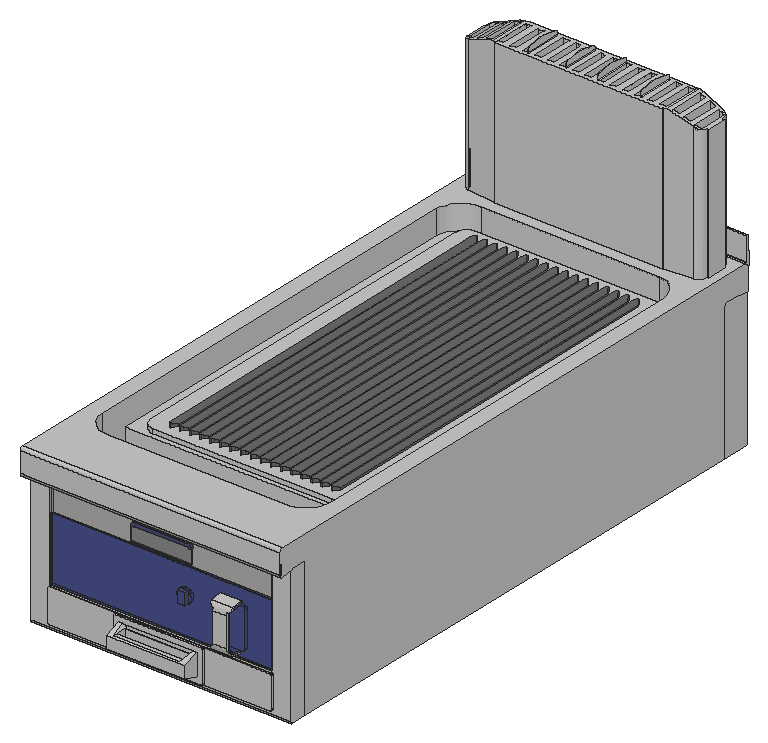
Revit family "QF_ELECTROLUXPROFESSIONAL_589101_MCHNABDOPO", category Specialty Equipment, Revit 2018 (continued)
Definition of nested family "GG_900_Flute for 400 fryer"
  Automatic sketch dimensions
    curve 10 to curve 9 = 0 mm
    curve 4 to curve 5 = 0 mm
    plane 5 to curve 6 = 32.954 mm
    curve 11 to curve 11 = 12.5 mm
    curve 4 to plane 5 = 15.407 mm
    curve 11 to curve 9 = 0 mm
    curve 3 to curve 3 = 12.5 mm
Definition of nested family "GG_900_400 mm Full Grate"
  Parameters
    Length = 262 mm
    Array = Length / 15 mm  # 17
  Reference planes
    plane 1: z = 0
    plane 2 "Center (Left/Right)": x = 0
    plane 3: z = 900
    plane 4: z = 888
    plane 5: x = -175
    plane 6: x = 135
    plane 7: x = -151
    plane 8: x = 131
  Forms (mm)
    Extrusion 1, solid
      sketch origin (653.786, 467.26, 0) x (1, 0, 0) y (0, 1, 0)
        loop
          line (-808.786, -175.198) -> (-808.786, -760.472)
          arc (-808.786, -760.472) -> (-803.807, -772.493) -> (-791.786, -777.472) r 17
          line (-791.786, -777.472) -> (-516.936, -777.472)
          arc (-516.936, -777.472) -> (-504.102, -772.156) -> (-498.786, -759.322) r 18.15
          line (-498.786, -759.322) -> (-498.786, -175.198)
          arc (-498.786, -175.198) -> (-504.102, -162.364) -> (-516.936, -157.048) r 18.15
          line (-516.936, -157.048) -> (-790.636, -157.048)
          arc (-790.636, -157.048) -> (-803.47, -162.364) -> (-808.786, -175.198) r 18.15
      from 888 to 894.474
  Lines and regions (mm)
    symbolic lines
      curve 1: line (-131, 286.484, 0) -> (-124.5, 295.767, 0)
      curve 2: line (-124.5, 295.767, 0) -> (-118, 286.484, 0)
      curve 3: line (-118, -286.484, 0) -> (-118, 286.484, 0)
      curve 4: line (-131, 286.484, 0) -> (-131, -286.484, 0)
      curve 5: line (-124.5, -295.767, 0) -> (-131, -286.484, 0)
      curve 6: line (-118, -286.484, 0) -> (-124.5, -295.767, 0)
      curve 7: line (136.85, 310.212, 0) -> (-136.85, 310.212, 0)
      curve 8: arc (-136.85, 310.212, 0) -> (-149.684, 304.896, 0) -> (-155, 292.062, 0) r 18.15
      curve 9: line (-155, 292.062, 0) -> (-155, -293.212, 0)
      curve 10: arc (-155, -293.212, 0) -> (-150.021, -305.233, 0) -> (-138, -310.212, 0) r 17
      curve 11: line (-138, -310.212, 0) -> (136.85, -310.212, 0)
      curve 12: arc (136.85, -310.212, 0) -> (149.684, -304.896, 0) -> (155, -292.062, 0) r 18.15
      curve 13: line (155, -292.062, 0) -> (155, 292.062, 0)
      curve 14: arc (155, 292.062, 0) -> (149.684, 304.896, 0) -> (136.85, 310.212, 0) r 18.15
      curve 15: line (118, 286.484, 0) -> (124.5, 295.767, 0)
      curve 16: line (124.5, 295.767, 0) -> (131, 286.484, 0)
      curve 17: line (131, -286.484, 0) -> (131, 286.484, 0)
      curve 18: line (118, 286.484, 0) -> (118, -286.484, 0)
      curve 19: line (124.5, -295.767, 0) -> (118, -286.484, 0)
      curve 20: line (131, -286.484, 0) -> (124.5, -295.767, 0)
      curve 21: line (-115.438, 286.484, 0) -> (-108.938, 295.767, 0)
      curve 22: line (-108.938, 295.767, 0) -> (-102.438, 286.484, 0)
      curve 23: line (-102.438, -286.484, 0) -> (-102.438, 286.484, 0)
      curve 24: line (-115.438, 286.484, 0) -> (-115.438, -286.484, 0)
      curve 25: line (-108.938, -295.767, 0) -> (-115.438, -286.484, 0)
      curve 26: line (-102.438, -286.484, 0) -> (-108.938, -295.767, 0)
      curve 27: line (-99.875, 286.484, 0) -> (-93.375, 295.767, 0)
      curve 28: line (-93.375, 295.767, 0) -> (-86.875, 286.484, 0)
      curve 29: line (-86.875, -286.484, 0) -> (-86.875, 286.484, 0)
      curve 30: line (-99.875, 286.484, 0) -> (-99.875, -286.484, 0)
      curve 31: line (-93.375, -295.767, 0) -> (-99.875, -286.484, 0)
      curve 32: line (-86.875, -286.484, 0) -> (-93.375, -295.767, 0)
      curve 33: line (-84.313, 286.484, 0) -> (-77.813, 295.767, 0)
      curve 34: line (-77.813, 295.767, 0) -> (-71.313, 286.484, 0)
      curve 35: line (-71.313, -286.484, 0) -> (-71.313, 286.484, 0)
      curve 36: line (-84.313, 286.484, 0) -> (-84.313, -286.484, 0)
      curve 37: line (-77.813, -295.767, 0) -> (-84.313, -286.484, 0)
      curve 38: line (-71.313, -286.484, 0) -> (-77.813, -295.767, 0)
      curve 39: line (-68.75, 286.484, 0) -> (-62.25, 295.767, 0)
      curve 40: line (-62.25, 295.767, 0) -> (-55.75, 286.484, 0)
      curve 41: line (-55.75, -286.484, 0) -> (-55.75, 286.484, 0)
      curve 42: line (-68.75, 286.484, 0) -> (-68.75, -286.484, 0)
      curve 43: line (-62.25, -295.767, 0) -> (-68.75, -286.484, 0)
      curve 44: line (-55.75, -286.484, 0) -> (-62.25, -295.767, 0)
      curve 45: line (-53.188, 286.484, 0) -> (-46.688, 295.767, 0)
      curve 46: line (-46.688, 295.767, 0) -> (-40.188, 286.484, 0)
      curve 47: line (-40.188, -286.484, 0) -> (-40.188, 286.484, 0)
      curve 48: line (-53.188, 286.484, 0) -> (-53.188, -286.484, 0)
      curve 49: line (-46.688, -295.767, 0) -> (-53.188, -286.484, 0)
      curve 50: line (-40.188, -286.484, 0) -> (-46.688, -295.767, 0)
      curve 51: line (-37.625, 286.484, 0) -> (-31.125, 295.767, 0)
      curve 52: line (-31.125, 295.767, 0) -> (-24.625, 286.484, 0)
      curve 53: line (-24.625, -286.484, 0) -> (-24.625, 286.484, 0)
      curve 54: line (-37.625, 286.484, 0) -> (-37.625, -286.484, 0)
      curve 55: line (-31.125, -295.767, 0) -> (-37.625, -286.484, 0)
      curve 56: line (-24.625, -286.484, 0) -> (-31.125, -295.767, 0)
      curve 57: line (-22.063, 286.484, 0) -> (-15.563, 295.767, 0)
      curve 58: line (-15.563, 295.767, 0) -> (-9.063, 286.484, 0)
      curve 59: line (-9.063, -286.484, 0) -> (-9.063, 286.484, 0)
      curve 60: line (-22.063, 286.484, 0) -> (-22.063, -286.484, 0)
      curve 61: line (-15.563, -295.767, 0) -> (-22.063, -286.484, 0)
      curve 62: line (-9.063, -286.484, 0) -> (-15.563, -295.767, 0)
      curve 63: line (-6.5, 286.484, 0) -> (0, 295.767, 0)
      curve 64: line (0, 295.767, 0) -> (6.5, 286.484, 0)
      curve 65: line (6.5, -286.484, 0) -> (6.5, 286.484, 0)
      curve 66: line (-6.5, 286.484, 0) -> (-6.5, -286.484, 0)
      curve 67: line (0, -295.767, 0) -> (-6.5, -286.484, 0)
      curve 68: line (6.5, -286.484, 0) -> (0, -295.767, 0)
      curve 69: line (9.062, 286.484, 0) -> (15.562, 295.767, 0)
      curve 70: line (15.562, 295.767, 0) -> (22.062, 286.484, 0)
      curve 71: line (22.062, -286.484, 0) -> (22.062, 286.484, 0)
      curve 72: line (9.062, 286.484, 0) -> (9.062, -286.484, 0)
      curve 73: line (15.562, -295.767, 0) -> (9.062, -286.484, 0)
      curve 74: line (22.062, -286.484, 0) -> (15.562, -295.767, 0)
      curve 75: line (24.625, 286.484, 0) -> (31.125, 295.767, 0)
      curve 76: line (31.125, 295.767, 0) -> (37.625, 286.484, 0)
      curve 77: line (37.625, -286.484, 0) -> (37.625, 286.484, 0)
      curve 78: line (24.625, 286.484, 0) -> (24.625, -286.484, 0)
      curve 79: line (31.125, -295.767, 0) -> (24.625, -286.484, 0)
      curve 80: line (37.625, -286.484, 0) -> (31.125, -295.767, 0)
      curve 81: line (40.187, 286.484, 0) -> (46.687, 295.767, 0)
      curve 82: line (46.687, 295.767, 0) -> (53.188, 286.484, 0)
      curve 83: line (53.188, -286.484, 0) -> (53.188, 286.484, 0)
      curve 84: line (40.187, 286.484, 0) -> (40.187, -286.484, 0)
      curve 85: line (46.687, -295.767, 0) -> (40.187, -286.484, 0)
      curve 86: line (53.188, -286.484, 0) -> (46.687, -295.767, 0)
      curve 87: line (55.75, 286.484, 0) -> (62.25, 295.767, 0)
      curve 88: line (62.25, 295.767, 0) -> (68.75, 286.484, 0)
      curve 89: line (68.75, -286.484, 0) -> (68.75, 286.484, 0)
      curve 90: line (55.75, 286.484, 0) -> (55.75, -286.484, 0)
      curve 91: line (62.25, -295.767, 0) -> (55.75, -286.484, 0)
      curve 92: line (68.75, -286.484, 0) -> (62.25, -295.767, 0)
      curve 93: line (71.312, 286.484, 0) -> (77.812, 295.767, 0)
      curve 94: line (77.812, 295.767, 0) -> (84.313, 286.484, 0)
      curve 95: line (84.313, -286.484, 0) -> (84.313, 286.484, 0)
      curve 96: line (71.312, 286.484, 0) -> (71.312, -286.484, 0)
      curve 97: line (77.812, -295.767, 0) -> (71.312, -286.484, 0)
      curve 98: line (84.313, -286.484, 0) -> (77.812, -295.767, 0)
      curve 99: line (86.875, 286.484, 0) -> (93.375, 295.767, 0)
      curve 100: line (93.375, 295.767, 0) -> (99.875, 286.484, 0)
      curve 101: line (99.875, -286.484, 0) -> (99.875, 286.484, 0)
      curve 102: line (86.875, 286.484, 0) -> (86.875, -286.484, 0)
      curve 103: line (93.375, -295.767, 0) -> (86.875, -286.484, 0)
      curve 104: line (99.875, -286.484, 0) -> (93.375, -295.767, 0)
      curve 105: line (102.438, 286.484, 0) -> (108.938, 295.767, 0)
      curve 106: line (108.938, 295.767, 0) -> (115.438, 286.484, 0)
      curve 107: line (115.438, -286.484, 0) -> (115.438, 286.484, 0)
      curve 108: line (102.438, 286.484, 0) -> (102.438, -286.484, 0)
      curve 109: line (108.938, -295.767, 0) -> (102.438, -286.484, 0)
      curve 110: line (115.438, -286.484, 0) -> (108.938, -295.767, 0)
  Dimensions and locks
    plane 3 to level = 900 mm
    plane 3 to plane 4 = 12 mm
    plane 5 to plane 6 = 310 mm
    aligned and locked: Extrusion 1 to nested 1
  Nested families
    nested 1: "Grate for Griddle" at (-124.5, 0, 11.99), type "Grate for Griddle"
    nested 2: "Grate for Griddle" at (124.5, 0, 11.99), type "Grate for Griddle"
    nested 3: "Grate for Griddle" at (-108.938, 0, 11.99), type "Grate for Griddle"
    nested 4: "Grate for Griddle" at (-93.375, 0, 11.99), type "Grate for Griddle"
    nested 5: "Grate for Griddle" at (-77.813, 0, 11.99), type "Grate for Griddle"
    nested 6: "Grate for Griddle" at (-62.25, 0, 11.99), type "Grate for Griddle"
    nested 7: "Grate for Griddle" at (-46.688, 0, 11.99), type "Grate for Griddle"
    nested 8: "Grate for Griddle" at (-31.125, 0, 11.99), type "Grate for Griddle"
    nested 9: "Grate for Griddle" at (-15.563, 0, 11.99), type "Grate for Griddle"
    nested 10: "Grate for Griddle" at (0, 0, 11.99), type "Grate for Griddle"
    nested 11: "Grate for Griddle" at (15.562, 0, 11.99), type "Grate for Griddle"
    nested 12: "Grate for Griddle" at (31.125, 0, 11.99), type "Grate for Griddle"
    nested 13: "Grate for Griddle" at (46.687, 0, 11.99), type "Grate for Griddle"
    nested 14: "Grate for Griddle" at (62.25, 0, 11.99), type "Grate for Griddle"
    nested 15: "Grate for Griddle" at (77.812, 0, 11.99), type "Grate for Griddle"
    nested 16: "Grate for Griddle" at (93.375, 0, 11.99), type "Grate for Griddle"
    nested 17: "Grate for Griddle" at (108.938, 0, 11.99), type "Grate for Griddle"
  Definition of nested family "Grate for Griddle"
    Reference planes
      plane 1 "Center (Front/Back)": y = 0
      plane 2: z = 0
      plane 3 "Center (Left/Right)": x = 0
      plane 4: x = -5.214
      plane 5: x = 7.786
      plane 6: y = 294
      plane 7: y = -294
    Forms (mm)
      Extrusion 1, solid
        sketch origin (1322.686, 294, -6.066) x (1, 0, 0) y (0, 0, 1)
          loop
            line (-1316.186, 888.55) -> (-1316.186, 890.55)
            arc (-1316.186, 890.55) -> (-1322.686, 894.177) -> (-1329.186, 890.55) r 7.638
            line (-1329.186, 890.55) -> (-1329.186, 888.55) -> (-1316.186, 888.55)
        from 0 to 588
      Extrusion 2, void
        sketch origin (0, 0, 0) x (1, 0, 0) y (0, 1, 0)
          loop
            line (-1.237, 294) -> (-6.5, 294) -> (-6.5, 286.484) -> (-1.237, 294)
          loop
            line (1.237, 294) -> (6.5, 286.484) -> (6.5, 294) -> (1.237, 294)
          loop
            line (-1.237, -294) -> (-6.5, -286.484) -> (-6.5, -294) -> (-1.237, -294)
          loop
            line (1.237, -294) -> (6.5, -294) -> (6.5, -286.484) -> (1.237, -294)
        from 878.991 to 892.372
    Cuts and joins
      Extrusion 2 cuts Extrusion 1
    Lines and regions (mm)
      symbolic lines
        curve 1: line (6.5, -286.484, 0) -> (6.5, 286.484, 0)
        curve 2: line (6.5, -286.484, 0) -> (1.237, -294, 0)
        curve 3: line (-1.237, -294, 0) -> (-6.5, -286.484, 0)
        curve 4: line (-6.5, 286.484, 0) -> (-6.5, -286.484, 0)
        curve 5: line (-6.5, 286.484, 0) -> (-1.237, 294, 0)
        curve 6: line (1.237, 294, 0) -> (6.5, 286.484, 0)
    Dimensions and locks
      plane 6 to plane 7 = 588 mm
      aligned and locked: Extrusion 1 to plane 7
      aligned and locked: plane 6 to Extrusion 1
      aligned and locked: curve 1 to cut or joined group of Extrusion 1, Extrusion 2
      aligned and locked: curve 2 to cut or joined group of Extrusion 1, Extrusion 2
      aligned and locked: curve 3 to cut or joined group of Extrusion 1, Extrusion 2
      aligned and locked: curve 4 to cut or joined group of Extrusion 1, Extrusion 2
      aligned and locked: curve 5 to cut or joined group of Extrusion 1, Extrusion 2
      aligned and locked: curve 6 to cut or joined group of Extrusion 1, Extrusion 2
